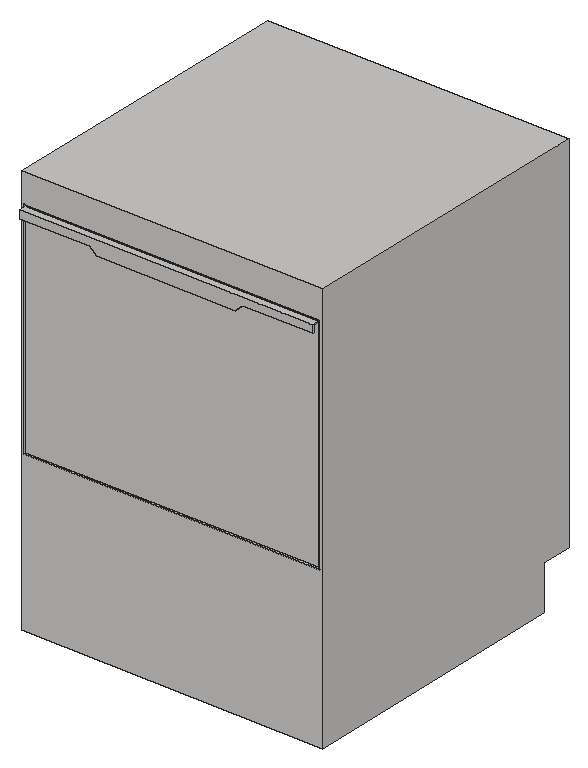
Revit family "QF_ELECTROLUXPROFESSIONAL_400206_EL1G", category Specialty Equipment, Revit 2018
Family settings
  Round Connector Dimension = Use Diameter
  Part Type = Normal
  Work Plane-Based = No
  Always vertical = Yes
  Cut with Voids When Loaded = No
  Shared = No
  Room Calculation Point = No
Parameters
  Weight = 60.00 kg
  Watts = 0 W
  Volts = 0 V
  URL Manufacturer = ""
  URL = "http://professional.electrolux.com/"
  Steam Supply Size = 0 mm
  Steam Supply Minimum Pressure = 0.0 Pa
  Steam Supply Maximum Pressure = 0.0 Pa
  Steam Pounds per Hour = 0
  Show Logo [instance] = yes
  Show Clearance [instance] = yes
  Refrigeration Suction Line Size = 0 mm
  Refrigeration Liquid Line Size = 0 mm
  Refrigerant Compressor Remote = yes
  Manufacturer = ""
  Phase = 0
  Model = ""
  Length Actual = 600 mm  # constant formula
  Item Number = ""
  Hot Water Size = 0 mm
  Height Actual = 820 mm  # constant formula
  HP = "3.8 HP"
  Gas Size = 0 mm
  Gas KW = 0
  Gas Input Pressure = 0 W
  Direct Waste Size = 20.5 mm
  Description = ""
  Depth Actual = 648 mm  # constant formula
  Cycle = 0 Hz
  Condensate Return Size = 0 mm
  Compressed Air Volume = 0.0 L/s
  Compressed Air Size = 0 mm
  Compressed Air Pressure = 0.0 Pa
  Cold Water Size = 0 mm
  Accessory = yes
Types (2, lengths in mm): name | Volts | URL Manufacturer | URL | Manufacturer | Phase | Model | Item Number | Hot Water Size | Description | Cycle
  (no name) | 0 V | "" | "http://professional.electrolux.com/" | "" | 0 | "" | "" | 0 | "" | 0 Hz
  Standard | 230 V | "http://professional.electrolux.com" | "http://professional.electrolux.com" | "Electrolux Professional" | 1 | "EL1G" | "400206" | 19.05 | "UNDERCOUNTER(L), 1PH, DP, DD, 540D/H - UK" | 50 Hz
Reference planes
  plane 1 "Center (Front/Back)": y = 0
  plane 2: z = 0
  plane 3 "Center (Left/Right)": x = 0
  plane 4 "LEFT": x = -300
  plane 5 "RIGHT": x = 300
  plane 6 "FRONT": y = -306
  plane 7 "BACK": y = 306
  plane 8: x = -202.5
  plane 9: x = 202.5
  plane 10: z = 830
  plane 11: z = 10
Forms (mm)
  Extrusion 1, solid, material "QF_Finishes_Stainless Steel"
    sketch origin (0, 0, 0) x (1, 0, 0) y (0, 1, 0)
      loop
        line (-300, -306) -> (300, -306) -> (300, 245) -> (-300, 245) -> (-300, -306)
    from 10 to 830
  Extrusion 2, solid, material "QF_Finishes_Stainless Steel"
    sketch origin (0, 0, 0) x (1, 0, 0) y (0, 1, 0)
      loop
        line (-300, 245) -> (300, 245) -> (300, 306) -> (-300, 306) -> (-300, 245)
    from 100 to 830
  Extrusion 3, solid, material "QF_Finishes_Stainless Steel"
    sketch origin (0, 17.5, 0) x (1, 0, 0) y (0, 1, 0)
      loop
        circle (-254, 167.5) r 12.5
      loop
        circle (254, 167.5) r 12.5
      loop
        circle (-254, -263.5) r 12.5
      loop
        circle (254, -263.5) r 12.5
    from 0 to 10
  Extrusion 4, void
    sketch origin (-300, -306, 0) x (-1, 0, 0) y (0, 0, 1)
      loop
        line (-5, 773.217) -> (-595, 773.217) -> (-595, 327.335) -> (-5, 327.335) -> (-5, 773.217)
    from 0 to 30
  Extrusion 5, solid, material "QF_Finishes_Stainless Steel"
    sketch origin (-259, -389, 768) x (0, 0, -1) y (1, 0, 0)
      loop
        circle (693, 143) r 10
    from -634 to -695
  Extrusion 6, solid, material "QF_Door-Drawer Clearances", visible <- "Show Clearance", detail levels coarse
    sketch origin (-230, -282.5, 0) x (0, 1, 0) y (0, 0, -1)
      loop
        line (-23.5, -330.419) -> (-391.5, -330.419)
        arc (-391.5, -330.419) -> (-290.693, -619.855) -> (-23.5, -770) r 432.894
        line (-23.5, -770) -> (-23.5, -330.419)
    from 61.197 to -521.306
  Extrusion 7, solid, material "QF_Finishes_Stainless Steel"
    sketch origin (-315.481, -389, 738) x (0, 0, -1) y (1, 0, 0)
      loop
        circle (663, 252.481) r 8
    from -634 to -695
  Extrusion 8, solid, material "QF_Finishes_Stainless Steel"
    sketch origin (-230, -282.5, 0) x (0, 1, 0) y (0, 0, -1)
      loop
        line (-23.5, -330.419) -> (-23.5, -770) -> (1.5, -770) -> (1.5, -330.419) -> (-23.5, -330.419)
    from 61.197 to -521.306
  Extrusion 9, solid, material "QF_Finishes_Stainless Steel"
    sketch origin (-230, -297.5, 0) x (0, 1, 0) y (0, 0, -1)
      loop
        line (-8.5, -770) -> (-8.5, -767.514) -> (-21, -767.514) -> (-21, -741.25) -> (-23.5, -741.25) -> (-23.5, -770) -> (-8.5, -770)
    from 61.197 to -521.306
  Extrusion 10, void
    sketch origin (-230, -321, 770) x (0, 0, 1) y (1, 0, 0)
      loop
        line (-15.552, -61.197) -> (-15.552, 77.909) -> (-28.75, 91.107) -> (-28.75, -61.197) -> (-15.552, -61.197)
      loop
        line (-15.552, 521.197) -> (-28.75, 521.197) -> (-28.75, 368.893) -> (-15.552, 382.091) -> (-15.552, 521.197)
    from 0 to 2.5
  Extrusion 11, solid, material "QF_Finishes_Stainless Steel"
    sketch origin (-295.988, 885.897, 763.79) x (0, -1, 0) y (1, 0, 0)
      loop
        circle (611.5, 158) r 8
    from -663.79 to -673.79
Cuts and joins
  Extrusion 4 cuts Extrusion 1
  joined: Extrusion 1, Extrusion 2
  Extrusion 10 cuts Extrusion 8
  Extrusion 10 cuts Extrusion 9
Lines and regions (mm)
  Split face 1
    outline origin (-300, -306, 830) x (0, 0, -1) y (1, 0, 0)
      loop
        line (21.579, 283.75) -> (39.683, 283.75) -> (39.683, 316.25) -> (21.579, 316.25) -> (21.579, 283.75)
  Split face 2
    outline origin (-300, -306, 830) x (0, 0, -1) y (1, 0, 0)
      loop
        line (56.783, 595) -> (56.783, 600)
      loop
        arc (56.783, 412.5) -> (28.391, 440.891) -> (0, 412.5) r 28.391
  symbolic lines
    curve 1: line (-300, 306, 0) -> (300, 306, 0)
    curve 2: line (-300, -306, 0) -> (-300, 306, 0)
    curve 3: line (300, -306, 0) -> (-300, -306, 0)
    curve 4: line (300, 306, 0) -> (300, -306, 0)
    curve 9: line (-291.197, -306, 0) -> (-291.197, -321, 0)
    curve 10: line (291.306, -321, 0) -> (291.306, -306, 0)
    curve 11: line (-291.197, -321, 0) -> (291.306, -321, 0)
  symbolic lines, style "QF_Door-Drawer Clearances"
    curve 5: line (-291.197, -674, 0) -> (291.306, -674, 0)
    curve 6: line (291.306, -674, 0) -> (291.306, -306, 0)
    curve 7: line (-291.197, -674, 0) -> (-291.197, -306, 0)
  symbolic lines, style "SpecialityEquipmentHiddenLines"
    curve 8: line (-300, 245, 0) -> (300, 245, 0)
Dimensions and locks
  equal spacing: plane 4 "LEFT", plane 3 "Center (Left/Right)", plane 5 "RIGHT"
  equal spacing: plane 7 "BACK", plane 1 "Center (Front/Back)", plane 6 "FRONT"
  plane 7 "BACK" to plane 6 "FRONT" = 612 mm
  plane 4 "LEFT" to plane 5 "RIGHT" = 600 mm
  plane 4 "LEFT" to plane 8 = 97.5 mm
  plane 9 to plane 5 "RIGHT" = 97.5 mm
  plane 11 to level = 10 mm
  plane 4 "LEFT" to plane 3 "Center (Left/Right)" = 300 mm
  plane 10 to level = 830 mm  (x2)
  plane 8 to plane 9 = 405 mm
  Extrusion 11 sketch curve to plane 4 "LEFT" = 162.012 mm
  level to Extrusion 5 sketch curve = 75 mm
  Extrusion 5 sketch curve to plane 4 "LEFT" = 184 mm
  Extrusion 7 sketch curve to plane 4 "LEFT" = 237 mm
  level to Extrusion 7 sketch curve = 75 mm
  Extrusion 3 to cut or joined group of Extrusion 1, Extrusion 2, Extrusion 4 = 121 mm
  Extrusion 3 to Extrusion 3 = 431 mm
  plane 6 "FRONT" to Extrusion 3 = 60 mm
  plane 9 to plane 8 = 405 mm
  plane 7 "BACK" to curve 5 = 980 mm
  cut or joined group of Extrusion 1, Extrusion 2, Extrusion 4 to level = 327.335 mm
  aligned and locked: level to plane 2
  aligned and locked: Extrusion 1 sketch curve to plane 6 "FRONT"
  aligned and locked: Extrusion 1 sketch curve to plane 4 "LEFT"
  aligned and locked: plane 5 "RIGHT" to Extrusion 1 sketch curve
  aligned and locked: Extrusion 1 to plane 11
  aligned and locked: Extrusion 2 sketch curve to Extrusion 1
  aligned and locked: plane 5 "RIGHT" to Extrusion 2 sketch curve
  aligned and locked: plane 11 to Extrusion 3
  aligned and locked: cut or joined group of Extrusion 9, Extrusion 10 to Extrusion 10
Automatic sketch dimensions
  Extrusion 1 sketch curve to plane 7 "BACK" = 61 mm
  Extrusion 3 sketch curve to plane 8 = 51.5 mm  (x2)
  plane 9 to Extrusion 3 sketch curve = 51.5 mm  (x2)
  plane 6 "FRONT" to Extrusion 3 sketch curve = 60 mm  (x2)
  Extrusion 3 sketch curve to plane 7 "BACK" = 121 mm  (x2)
  Extrusion 4 sketch curve to Extrusion 1 = 5 mm  (x2)
  Extrusion 4 sketch curve to Extrusion 1 = 317.335 mm
  Extrusion 4 sketch curve to Extrusion 1 = 56.783 mm
  plane 6 "FRONT" to Extrusion 8 sketch curve = 0 mm
  Extrusion 8 sketch curve to Extrusion 8 sketch curve = 25 mm
  Extrusion 9 sketch curve to plane 6 "FRONT" = 15 mm
  Extrusion 9 sketch curve to Extrusion 9 sketch curve = 2.5 mm
  Extrusion 9 sketch curve to Extrusion 9 sketch curve = 12.5 mm
  Extrusion 9 sketch curve to plane 10 = 60 mm
  Extrusion 9 sketch curve to Extrusion 9 sketch curve = 2.486 mm
  Extrusion 9 sketch curve to Extrusion 9 sketch curve = 26.264 mm
  Extrusion 2 sketch curve to Extrusion 2 sketch curve = 61 mm
  Split face 1 sketch curve to cut or joined group of Extrusion 1, Extrusion 2, Extrusion 4 = 21.579 mm
  Split face 1 sketch curve to Split face 1 sketch curve = 18.104 mm
  Split face 1 sketch curve to cut or joined group of Extrusion 1, Extrusion 2, Extrusion 4 = 278.75 mm
  Split face 1 sketch curve to Split face 1 sketch curve = 32.5 mm
  plane 11 to Extrusion 8 sketch curve = 320.419 mm
  Extrusion 8 sketch curve to plane 10 = 60 mm
  Extrusion 10 sketch curve to Extrusion 9 = 0 mm  (x2)
  Extrusion 9 to Extrusion 10 sketch curve = 0 mm
  Extrusion 10 sketch curve to Extrusion 9 = 13.198 mm  (x2)
  Extrusion 10 sketch curve to Extrusion 9 = 139.107 mm
  Extrusion 10 sketch curve to Extrusion 10 sketch curve = 13.198 mm  (x2)
  Extrusion 10 sketch curve to Extrusion 9 = 152.413 mm
  Extrusion 10 sketch curve to Extrusion 9 = 0.109 mm
  curve 3 to plane 4 "LEFT" = 0 mm
  curve 7 to plane 6 "FRONT" = 0 mm
  curve 4 to plane 5 "RIGHT" = 0 mm
  curve 2 to plane 7 "BACK" = 0 mm
  plane 4 "LEFT" to curve 5 = 8.803 mm
  curve 5 to plane 5 "RIGHT" = 8.694 mm
  plane 4 "LEFT" to curve 11 = 8.803 mm
  curve 10 to plane 5 "RIGHT" = 8.694 mm
  curve 11 to plane 6 "FRONT" = 15 mm
  curve 8 to plane 7 "BACK" = 61 mm
  Extrusion 2 sketch curve to plane 7 "BACK" = 0 mm
  Split face 2 sketch curve to cut or joined group of Extrusion 1, Extrusion 2, Extrusion 4 = 0 mm  (x5)
  Split face 2 sketch curve to cut or joined group of Extrusion 1, Extrusion 2, Extrusion 4 = 182.5 mm
  Extrusion 11 sketch curve to plane 7 "BACK" = 31.603 mm
  Extrusion 6 sketch curve to plane 6 "FRONT" = 0 mm
  plane 6 "FRONT" to Extrusion 6 sketch curve = 64.74 mm
  plane 11 to Extrusion 6 sketch curve = 331.974 mm
  Extrusion 6 sketch curve to Extrusion 6 sketch curve = 11.555 mm
  Extrusion 6 sketch curve to plane 6 "FRONT" = 368 mm
  radius of Extrusion 5 sketch curve = 10 mm
  radius of Extrusion 7 sketch curve = 8 mm
  radius of Extrusion 3 sketch curve = 12.5 mm  (x4)
  radius of Extrusion 11 sketch curve = 8 mm
Connectors
  piping at (-116, 306, 75), diameter 20
    settings: on Extrusion 5, index 1, connector inside diameter 609.6 mm, connector length 0 mm, flow factor 0, pipe flow 0.0 L/s, pressure drop 0.0 Pa, fitting loss kfactor 0, connector angle 0.00°, fixture units 0, engagement length 0 mm, angle of deflection 0.00°, flow configuration 1, flow direction 1, fitting loss method 0, system type 16, joint type 0, gender type 0, connector reference index -1, connector utility 0, adjustable connector no, is connector primary yes, connector description "Drain"
  piping at (-63, 306, 75), diameter 16
    settings: on Extrusion 7, index 3, connector inside diameter 609.6 mm, connector length 0 mm, flow factor 0, pipe flow 0.0 L/s, pressure drop 0.0 Pa, fitting loss kfactor 0, connector angle 0.00°, fixture units 0, engagement length 0 mm, angle of deflection 0.00°, flow configuration 1, flow direction 1, fitting loss method 0, system type 20, joint type 0, gender type 0, connector reference index -1, connector utility 0, adjustable connector no, is connector primary no, connector description "Cold Water Inlet"
  electrical at (-137.988, 274.397, 90), driven by "Volts"
    settings: on Extrusion 11, index 4, voltage 0 V, apparent load 0 VA, apparent load phase1 0 VA, apparent load phase2 0 VA, apparent load phase3 0 VA, power factor 1, load classification "Altro", number of poles 1, system type 31, power factor state 1, is connector primary yes, connector utility no, sub classification motor no, connector description "Electrical Connection"
